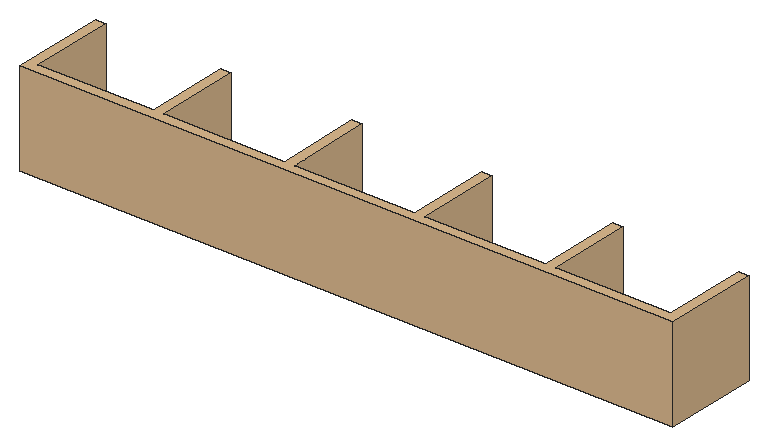
Revit family
Parameters (values of type "1180 x 170 x 170mm")
  URL = ""
  Type Comments = ""
  Model = ""
  Material = Wood - Birch
  Manufacturer = "Revit"
  Keynote = "N"
  Description = "Shelf"
  Cost = 0
  Assembly Code = "E2020200"
Reference planes
  plane 1 "Wall": y = 0
  plane 2 "Center (Left/Right)": x = -19.78
  plane 3 "Back": y = 75
  plane 4: x = -609.78
  plane 5: x = 570.22
  plane 6: y = 245
  plane 7: z = 1700
  plane 8: z = 1870
  plane 9: x = 334.22
  plane 10: x = 98.22
  plane 11: x = -137.78
  plane 12: x = -373.78
  plane 13: y = 93
Forms (mm)
  Extrusion 1, solid, material "Wood - Birch" <- "Material"
    sketch origin (0, 0, 0) x (1, 0, 0) y (0, 0, 1)
      loop
        line (570.22, 1700) -> (570.22, 1718) -> (-609.78, 1718) -> (-609.78, 1700) -> (570.22, 1700)
    from -245 to -93
  Extrusion 2, solid, material "Wood - Birch" <- "Material"
    sketch origin (0, 0, 0) x (1, 0, 0) y (0, 0, 1)
      loop
        line (570.22, 1870) -> (552.22, 1870) -> (552.22, 1718) -> (570.22, 1718) -> (570.22, 1870)
      loop
        line (343.22, 1870) -> (325.22, 1870) -> (325.22, 1718) -> (343.22, 1718) -> (343.22, 1870)
      loop
        line (107.22, 1870) -> (89.22, 1870) -> (89.22, 1718) -> (107.22, 1718) -> (107.22, 1870)
      loop
        line (-128.78, 1870) -> (-146.78, 1870) -> (-146.78, 1718) -> (-128.78, 1718) -> (-128.78, 1870)
      loop
        line (-364.78, 1870) -> (-382.78, 1870) -> (-382.78, 1718) -> (-364.78, 1718) -> (-364.78, 1870)
      loop
        line (-609.78, 1870) -> (-609.78, 1718) -> (-591.78, 1718) -> (-591.78, 1870) -> (-609.78, 1870)
    from -245 to -93
  Extrusion 3, solid, material "Wood - Birch" <- "Material"
    sketch origin (0, 0, 0) x (1, 0, 0) y (0, 0, 1)
      loop
        line (570.22, 1870) -> (-609.78, 1870) -> (-609.78, 1700) -> (570.22, 1700) -> (570.22, 1870)
    from -93 to -75
Cuts and joins
  joined: Extrusion 1, Extrusion 2, Extrusion 3
Text (mm)
  text "Placement side" at (-1848.837, 1116.779, 0), in view "Ref. Level"
  text "Placement side" at (0, 1409.804, 2854.306), in view "Left"
  text "Placement side" at (0, 499.811, 2980.732), in view "Right"
Dimensions and locks
  locked: plane 3 "Back" to host wall
  equal spacing: plane 4, plane 2 "Center (Left/Right)", plane 5
  locked: plane 4 to plane 5 at 1180
  locked: plane 3 "Back" to plane 6 at 170
  equal spacing: plane 4, plane 12, plane 11, plane 10, plane 9, plane 5
  locked: plane 3 "Back" to plane 13 at 18
  aligned and locked: Extrusion 1 sketch curve to plane 7
  aligned and locked: Extrusion 1 sketch curve to plane 4
  aligned and locked: Extrusion 1 to plane 6
  aligned and locked: plane 13 to Extrusion 1
  aligned and locked: Extrusion 2 sketch curve to plane 8
  aligned and locked: Extrusion 2 sketch curve to Extrusion 1
  aligned and locked: Extrusion 2 to plane 6
  aligned and locked: Extrusion 2 to Extrusion 1
  aligned and locked: Extrusion 3 sketch curve to Extrusion 2  (x2)
  aligned and locked: Extrusion 1 to Extrusion 3 sketch curve
  aligned and locked: Extrusion 3 sketch curve to Extrusion 1
  aligned and locked: Extrusion 3 to plane 13
  aligned and locked: plane 3 "Back" to Extrusion 3
  aligned and locked: Extrusion 2 to plane 8
